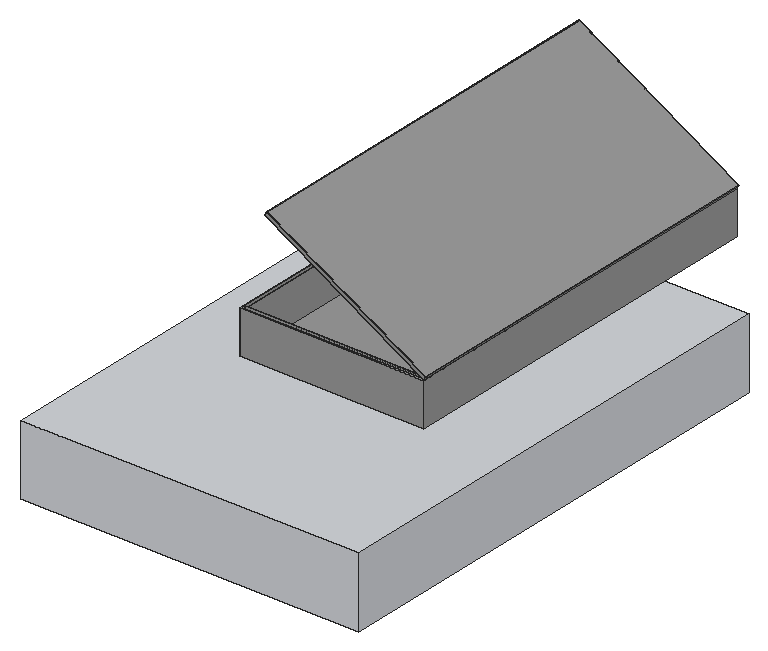
Revit family "Hager-Univers-IP54-D205-H1700-Cl.I-Encl-AT-de", category Equipement électrique, Revit 2020
Family settings
  Hôte = Face
  Configuration du panneau = Deux colonnes, circuits au sein
  Cote de connecteur circulaire = Utiliser le diamètre
  Type d'élément = Tableau de raccordement
  Couper avec des vides une fois chargée = Non
  Partagée = Non
  Point de calcul de pièce = Non
Parameters (values of type "Aufputz IP54 B800 H1700 T205  - FP13TW2")
  Width Control [instance] = if([EF000008 - Breite] > Min Width, [EF000008 - Breite], Min Width)  # 800 mm
  Commentaires du type = [HG000003 - Bereich]  # "Univers"
  Thickness Door [instance] = if([EF009171 - Materialstärke Tür/Deckel] > 3 mm, 3 mm, [EF009171 - Materialstärke Tür/Deckel])  # 1 mm
  Seal Frame Offset [instance] = 17 mm  # constant formula
  Plinth Visibility [instance] = [HG000027 - Sockelhöhe] > 0 mm  # no
  Model = ""
  Min Width [instance] = 100 mm  # constant formula
  Min Height [instance] = 100 mm  # constant formula
  Min Depth [instance] = (2 * [EF009170 - Materialstärke Gehäuse]) + 1 mm  # 3 mm
  Internal Frame Depth [instance] = (Door System Depth * 0.5)  # 9 mm
  Height Control [instance] = if([EF000040 - Höhe] > Min Height, [EF000040 - Höhe], Min Height)  # 1700 mm
  HG000027 - Sockelhöhe = 0 mm
  HG000026 - Stehend auf dem Boden = no
  HG000024 - Höhe des unteren Teils = 800 mm
  HG000023 - Gehäuse mit doppeltem Querschnitt = no
  HG000016 - 3D-Türsichtbarkeit [instance] = yes
  HG000015 - Sichtbarkeit der Türöffnung [instance] = no
  HG000014 - Tür rechts [instance] = yes
  HG000013 - Tür links [instance] = not([HG000014 - Tür rechts])  # no
  HG000012 - Türschwenkwinkel [instance] = 30.00°
  HG000010 - Asymmetrische Türen = no
  HG000009 - Doppelflügeligen Tür = no
  HG000006 - Unterputz = no
  HG000004 - Herstellerreferenz = "FP13TW2"
  HG000003 - Bereich = "Univers"
  HG000002 - Mit tür = yes
  Frame Offset Bottom [instance] = 10 mm  # constant formula
  Frame Offset [instance] = 15 mm  # constant formula
  EF015940 - Deckel mit Überdruckentlastung = no
  EF011959 - Schutzart (NEMA) = ""
  EF009554 - Anzahl der Öffnungen für Flanschplatten = 6
  Fabricant = "Hager"  # constant formula
  EF009212 - Ausführung Deckel = "EV000116 - geschlossen"
  EF009171 - Materialstärke Tür/Deckel = 1 mm
  EF009170 - Materialstärke Gehäuse = 1 mm
  EF008873 - Nennstrom (In) = 400 A
  EF007800 - Geeignet für Blitzschutz = no
  EF006306 - Mit Schloss = no
  EF006244 - Transparenter Deckel/Tür = no
  EF005474 - Schutzart (IP) = "EV006419 - IP54"
  EF004464 - Art der Tür = "EV002646 - Einzel"
  EF004427 - Anzahl der Module = 396
  EF004293 - Schlagfestigkeit = "EV006815 - IK09"
  EF003532 - Geeignet für Außengebrauch = no
  EF002950 - Breite in Teilungseinheiten = 36
  EF001613 - Funktionserhalt = "EV000494 - ohne"
  EF001596 - Werkstoff des Gehäuses = "EV000179 - Stahl"
  EF001131 - Innentiefe = 205 mm
  EF001088 - Anbaumöglichkeit = yes
  EF000437 - Anzahl der Leitungseinführungen = 6
  EF000339 - Art der Abdeckung = "EV001012 - Deckel"
  EF000266 - Anzahl der Reihen = 11
  EF000218 - Einbautiefe = 205 mm
  EF000118 - Mit Montageplatte = no
  EF000116 - RAL-Nummer = "9010"
  EF000049 - Tiefe = 205 mm
  EF000040 - Höhe = 1700 mm
  EF000008 - Breite = 800 mm
  EF000007 - Farbe = "EV000202 - weiß"
  EF000003 - Montageart = "EV000384 - Aufputz"
  Door System Leaf Tolerance [instance] = 1.5 mm  # constant formula
  Door System Depth [instance] = 18 mm  # constant formula
  Door Height [instance] = Height Control - [HG000027 - Sockelhöhe]  # 1700 mm
  Depth Control [instance] = if([EF000049 - Tiefe] > Min Depth, [EF000049 - Tiefe], Min Depth)  # 205 mm
  Default Elevation = 0 mm
  Connector Offset [instance] = Height Control / 2  # 850 mm
  Bottom Top Plate Trim [instance] = 1.5 mm  # constant formula
  Plinth height Ctrl [instance] = if([HG000027 - Sockelhöhe] > 0 mm, [HG000027 - Sockelhöhe], 12 mm)  # 12 mm
Types (3, lengths in mm): name | Width Control | HG000004 - Herstellerreferenz | EF009554 - Anzahl der Öffnungen für Flanschplatten | EF008873 - Nennstrom (In) | EF004464 - Art der Tür | EF004427 - Anzahl der Module | EF002950 - Breite in Teilungseinheiten | EF000437 - Anzahl der Leitungseinführungen | EF000008 - Breite
  Aufputz IP54 B1300 H1700 T205  - FP15TW2 | 1300 | "FP15TW2" | 10 | 400 A | "EV003602 - Doppel" | 660 | 60 | 10 | 1300
  Aufputz IP54 B300 H1700 T205  - FP11TW2 | 300 | "FP11TW2" | 2 | 250 A | "EV002646 - Einzel" | 132 | 12 | 2 | 300
  Aufputz IP54 B800 H1700 T205  - FP13TW2 | 800 | "FP13TW2" | 6 | 400 A | "EV002646 - Einzel" | 396 | 36 | 6 | 800
Reference planes
  plane 1 "Center (Front/Back)": y = 0
  plane 2: z = 0
  plane 3 "Center (Left/Right)": x = 0
  plane 4: z = 205
  plane 5: y = 1
  plane 6: y = 850
  plane 7: y = 0
  plane 8: y = 1700
  plane 9: z = 0
  plane 10: x = -385
  plane 11: x = 385
  plane 12: x = 384
  plane 13: x = -384
  plane 14: y = 1699
  plane 15: x = -383
  plane 16: x = -400
  plane 17: x = 383
  plane 18: x = 400
  plane 19: x = 399
  plane 20: x = -399
  plane 21: y = 11
  plane 22: y = 1700
  plane 23: y = 1684
  plane 24: z = 187
  plane 25: z = 1
  plane 26: z = 186
  plane 27: z = 204
Forms (mm)
  Extrusion 1, solid
    sketch origin (0, 0, 0) x (1, 0, 0) y (0, 1, 0)
      loop
        line (-702.964, 1305) -> (-702.964, -811.445) -> (766.763, -811.445) -> (766.763, 1305) -> (-702.964, 1305)
    from 0 to -304.8
  Extrusion 2, solid, material "Hager_Steel_RAL7035_Light_Grey", visible <- "Plinth Visibility", detail levels medium+fine
    sketch origin (0, 0, 0) x (1, 0, 0) y (0, 1, 0)
      loop
        line (-400, 0) -> (400, 0) -> (400, 12) -> (-400, 12) -> (-400, 0)
    from 0 to 187
  Extrusion 3, solid, material "Hager_Steel_RAL7035_Light_Grey", detail levels medium+fine
    sketch origin (0, 0, 0) x (1, 0, 0) y (0, 1, 0)
      loop
        line (-400, 0) -> (400, 0) -> (400, 1700) -> (-400, 1700) -> (-400, 0)
    from 0 to 187
  Extrusion 4, void
    sketch origin (0, 0, 0) x (1, 0, 0) y (0, 1, 0)
      loop
        line (-399, 1) -> (399, 1) -> (399, 1699) -> (-399, 1699) -> (-399, 1)
    from 1 to 186
  Extrusion 5, void
    sketch origin (-381.607, -4572, 187) x (0, -1, 0) y (-1, 0, 0)
      loop
        line (-4583, 2.393) -> (-6256, 2.393) -> (-6256, -765.607) -> (-4583, -765.607) -> (-4583, 2.393)
    from 0 to 1 <- "EF009170 - Materialstärke Gehäuse"
  Extrusion 6, solid, material "Hager_Steel_RAL7035_Light_Grey", detail levels fine
    sketch origin (0, 0, 187) x (1, 0, 0) y (0, 1, 0)
      loop
        line (-384, 1684) -> (-384, 11) -> (384, 11) -> (384, 1684) -> (-384, 1684)
      loop
        line (-385, 10) -> (385, 10) -> (385, 1685) -> (-385, 1685) -> (-385, 10)
    from 0 to 9 <- "Internal Frame Depth"
  Extrusion 7, solid, material "Hager_Steel_RAL7035_Light_Grey", detail levels coarse
    sketch origin (0, 0, 0) x (1, 0, 0) y (0, 1, 0)
      loop
        line (-400, 0) -> (400, 0) -> (400, 1700) -> (-400, 1700) -> (-400, 0)
    from 0 to 205
  Sweep 8, void
    path in 3D
      loop
        line (-400, 12, 0) -> (400, 12, 0) -> (400, 12, 187) -> (-400, 12, 187) -> (-400, 12, 0)
    profile origin (-400, 12, 93.5) x (-1, 0, 0) y (0, -1, 0)
      loop
        line (0, 0) -> (0, 1.5) -> (-1.5, 1.5)
        arc (-1.5, 1.5) -> (-1.061, 0.439) -> (0, 0) r 1.5
Cuts and joins
  Extrusion 4, Extrusion 5 cuts Extrusion 3
  Sweep 8 cuts Extrusion 2
Lines and regions (mm)
  Masking region 1
    outline origin (0, 0, 0) x (1, 0, 0) y (0, 0, 1)
      loop
        line (-400, 205) -> (-400, 0) -> (400, 0) -> (400, 205) -> (-400, 205)
  Masking region 2, detail levels medium+fine
    outline origin (0, 140, 0) x (0, 1, 0) y (0, 0, 1)
      loop
        line (-140, 0) -> (1560, 0) -> (1560, 187) -> (-140, 187) -> (-140, 0)
  Masking region 3, not visible, detail levels medium+fine
    outline origin (0, 297.922, 0) x (0, 1, 0) y (0, 0, 1)
      loop
        line (563.578, 0) -> (603.578, 0) -> (603.578, 194)
        arc (603.578, 194) -> (600.649, 201.071) -> (593.578, 204) r 10
        line (593.578, 204) -> (563.578, 204) -> (563.578, 0)
  Masking region 4, detail levels coarse
    outline origin (0, 0, 180) x (0, 1, 0) y (0, 0, 1)
      loop
        line (0, -180) -> (1700, -180) -> (1700, 25) -> (0, 25) -> (0, -180)
  Masking region 5, visible <- "Plinth Visibility", detail levels medium+fine
    outline origin (0, 52.24, 12.345) x (0, 0, -1) y (0, 1, 0)
      loop
        line (10.845, -40.24) -> (-173.155, -40.24)
        arc (-173.155, -40.24) -> (-173.594, -41.301) -> (-174.655, -41.74) r 1.5
        line (-174.655, -41.74) -> (-174.655, -52.24) -> (12.345, -52.24) -> (12.345, -41.74)
        arc (12.345, -41.74) -> (11.285, -41.301) -> (10.845, -40.24) r 1.5
  Masking region 6, detail levels medium+fine
    outline origin (-381.607, -4572, 187) x (-1, 0, 0) y (0, -1, 0)
      loop
        line (18.393, -6272) -> (18.393, -4572) -> (-781.607, -4572) -> (-781.607, -6272) -> (18.393, -6272)
  Masking region 7, visible <- "Plinth Visibility", detail levels medium+fine
    outline origin (-381.607, -4727, 187) x (-1, 0, 0) y (0, -1, 0)
      loop
        arc (16.893, -4739) -> (17.332, -4737.939) -> (18.393, -4737.5) r 1.5
        line (18.393, -4737.5) -> (18.393, -4727) -> (-781.607, -4727) -> (-781.607, -4737.5)
        arc (-781.607, -4737.5) -> (-780.546, -4737.939) -> (-780.107, -4739) r 1.5
        line (-780.107, -4739) -> (16.893, -4739)
  Masking region 8, detail levels coarse
    outline origin (-442.548, -4669.526, 187) x (-1, 0, 0) y (0, -1, 0)
      loop
        line (-42.548, -6369.526) -> (-42.548, -4669.526) -> (-842.548, -4669.526) -> (-842.548, -6369.526) -> (-42.548, -6369.526)
  sketch lines
    curve 1: line (-400, 12, 187) -> (-400, 12, 0)
    curve 2: line (400, 12, 187) -> (-400, 12, 187)
    curve 3: line (400, 12, 187) -> (400, 12, 0)
    curve 4: line (-400, 12, 0) -> (400, 12, 0)
Dimensions and locks
  "Depth Control": plane 4 to Extrusion 1
  "HG000027 - Sockelhöhe": plane 1 "Center (Front/Back)" to plane 7
  "EF009170 - Materialstärke Gehäuse": plane 5 to plane 7
  locked: connector elem to plane 3 "Center (Left/Right)"
  equal spacing: plane 8, plane 6, plane 7
  locked: connector elem to plane 6
  "EF009170 - Materialstärke Gehäuse": plane 8 to plane 14
  "EF009170 - Materialstärke Gehäuse": plane 10 to plane 13
  "EF009170 - Materialstärke Gehäuse": plane 12 to plane 11
  "Frame Offset": plane 20 to plane 13
  "Frame Offset": plane 12 to plane 19
  "EF009170 - Materialstärke Gehäuse": plane 16 to plane 20
  "EF009170 - Materialstärke Gehäuse": plane 19 to plane 18
  "Seal Frame Offset": plane 16 to plane 15
  "Seal Frame Offset": plane 17 to plane 18
  "Frame Offset Bottom": plane 21 to plane 5
  "Frame Offset": plane 14 to plane 23
  equal spacing: plane 16, plane 3 "Center (Left/Right)", plane 18
  "Width Control": plane 16 to plane 18
  "EF009170 - Materialstärke Gehäuse": plane 4 to plane 27
  "EF009170 - Materialstärke Gehäuse": plane 24 to plane 26
  "EF009170 - Materialstärke Gehäuse": plane 25 to level
  "Door System Depth": plane 4 to plane 24
  "Height Control": plane 1 "Center (Front/Back)" to Extrusion 7 sketch curve
  "Height Control": Masking region 4 sketch curve to plane 1 "Center (Front/Back)"
  "Height Control": plane 1 "Center (Front/Back)" to plane 22
  "Bottom Top Plate Trim": profile plane to Sweep 8 sketch curve
  "Bottom Top Plate Trim": Sweep 8 sketch curve to profile plane
  "Plinth height Ctrl": plane 1 "Center (Front/Back)" to Extrusion 2 sketch curve
  "Plinth height Ctrl": Masking region 5 sketch curve to plane 1 "Center (Front/Back)"
  "Plinth height Ctrl": plane 1 "Center (Front/Back)" to Masking region 7 sketch curve
  "Thickness Door": Extrusion 6 sketch curve to Extrusion 6 sketch curve  (x3)
  "Thickness Door": cut or joined group of Extrusion 3, Extrusion 4, Extrusion 5 to Extrusion 6 sketch curve
  radius of Masking region 3 sketch curve = 10 mm
  "Bottom Top Plate Trim": radius of Masking region 5 sketch curve  (x2)
  "Bottom Top Plate Trim": radius of Sweep 8 sketch curve
  "Bottom Top Plate Trim": radius of Masking region 7 sketch curve  (x2)
  aligned and locked: plane 2 to Extrusion 1
  aligned and locked: level to Extrusion 1
  aligned and locked: level to Masking region 1 sketch curve
  aligned and locked: Masking region 1 sketch curve to plane 18
  aligned and locked: Masking region 1 sketch curve to plane 16
  aligned and locked: plane 7 to Masking region 2 sketch curve
  aligned and locked: level to Masking region 3 sketch curve
  aligned and locked: Masking region 3 sketch curve to plane 27
  aligned and locked: level to Masking region 2 sketch curve
  aligned and locked: plane 1 "Center (Front/Back)" to Extrusion 2 sketch curve
  aligned and locked: Extrusion 3 sketch curve to plane 7
  aligned and locked: plane 16 to Extrusion 3 sketch curve
  aligned and locked: plane 18 to Extrusion 3 sketch curve
  aligned and locked: plane 20 to Extrusion 4 sketch curve
  aligned and locked: plane 19 to Extrusion 4 sketch curve
  aligned and locked: Extrusion 4 sketch curve to plane 5
  aligned and locked: Extrusion 4 to plane 25
  aligned and locked: plane 26 to Extrusion 4
  aligned and locked: plane 24 to Extrusion 3
  aligned and locked: Extrusion 5 sketch curve to plane 21
  aligned and locked: Extrusion 5 sketch curve to plane 13
  aligned and locked: Extrusion 5 sketch curve to plane 12
  aligned and locked: plane 18 to Extrusion 7 sketch curve
  aligned and locked: plane 1 "Center (Front/Back)" to Extrusion 7 sketch curve
  aligned and locked: plane 16 to Extrusion 7 sketch curve
  aligned and locked: plane 4 to Extrusion 7
  aligned and locked: Extrusion 7 to level
  aligned and locked: level to Masking region 4 sketch curve
  aligned and locked: Masking region 4 sketch curve to plane 1 "Center (Front/Back)"
  aligned and locked: Masking region 4 sketch curve to plane 4
  aligned and locked: nested 1 to level
  aligned and locked: nested 1 to plane 16
  aligned and locked: plane 8 to Extrusion 3 sketch curve
  aligned and locked: plane 23 to Extrusion 5 sketch curve
  aligned and locked: plane 14 to Extrusion 4 sketch curve
  aligned and locked: Masking region 2 sketch curve to plane 8
  aligned and locked: level to Masking region 5 sketch curve
  aligned and locked: plane 16 to Extrusion 2 sketch curve
  aligned and locked: plane 18 to Extrusion 2 sketch curve
  aligned and locked: Masking region 5 sketch curve to plane 24
  aligned and locked: Masking region 2 sketch curve to plane 24
  aligned and locked: plane 24 to Extrusion 2
  aligned and locked: profile plane to Sweep 8 sketch curve  (x2)
  aligned and locked: Masking region 6 sketch curve to plane 18
  aligned and locked: Masking region 6 sketch curve to plane 22
  aligned and locked: Masking region 6 sketch curve to plane 16
  aligned and locked: plane 8 to plane 22
  aligned and locked: Masking region 6 sketch curve to plane 7
  aligned and locked: Masking region 7 sketch curve to plane 16
  aligned and locked: Masking region 7 sketch curve to plane 1 "Center (Front/Back)"
  aligned and locked: Masking region 7 sketch curve to plane 18
  aligned and locked: Masking region 8 sketch curve to plane 1 "Center (Front/Back)"
  aligned and locked: Masking region 8 sketch curve to plane 18
  aligned and locked: Masking region 8 sketch curve to plane 22
  aligned and locked: Masking region 8 sketch curve to plane 16
  aligned and locked: nested 2 to plane 7
  aligned and locked: plane 3 "Center (Left/Right)" to nested 2
  aligned and locked: nested 2 to plane 24
  aligned and locked: Extrusion 6 sketch curve to cut or joined group of Extrusion 3, Extrusion 4, Extrusion 5  (x4)
Automatic sketch dimensions
  Extrusion 1 sketch curve to Extrusion 1 sketch curve = 1469.727 mm
  Extrusion 1 sketch curve to Extrusion 1 sketch curve = 2116.445 mm
  Masking region 1 sketch curve to plane 4 = 0 mm
  plane 6 to Masking region 3 sketch curve = 11.5 mm
  Masking region 3 sketch curve to Masking region 3 sketch curve = 30 mm
  Masking region 5 sketch curve to plane 1 "Center (Front/Back)" = 0 mm
Nested families
  nested 1: "Hager_Enclosure_Symbol" at (-400, 0, 0) x (1, 0, 0) z (0, -1, 0), Height <- "Depth Control", Width <- "Width Control", type "Hager_Enclosure_Symbol"
    with Width_Ctrl 800 mm, Width 800 mm, Height_Ctrl 205 mm, Height 205 mm, A_Width_Int 13.453 mm, A_Width 161.438 mm, A_Height_Ctrl 179.375 mm, A_Height 179.375 mm
  nested 2: "EC000058_Univers_Door" at (0, 0, 187) x (1, 0, 0) z (0, 1, 0), Leaf_Tolerance <- "Door System Leaf Tolerance", Angle <- "HG000012 - Türschwenkwinkel", Door_Depth <- "Door System Depth", Door_Left <- "HG000013 - Tür links", Transparent <- "EF006244 - Transparenter Deckel/Tür", Assymetrical <- "HG000010 - Asymmetrische Türen", Width <- "Width Control", Clearance <- "HG000015 - Sichtbarkeit der Türöffnung", Double <- "HG000009 - Doppelflügeligen Tür", 3d_Door <- "HG000016 - 3D-Türsichtbarkeit", Lock_Visibility <- "EF006306 - Mit Schloss", Width_Ctrl <- "Width Control", Door_Right <- "HG000014 - Tür rechts", Door <- "HG000002 - Mit tür", Height <- "Door Height", Thickness <- "Thickness Door", type "EC000058_Univers_Door", detail levels medium+fine
    with min_wh 3 mm, Width_Ctrl 800 mm, Width 800 mm, Transparent no, Thickness 1 mm, Seal_Material Hager_Rubber, Lock_Visibility no, Lock_Material Hager_Plastic_RAL9005_Jet_Black, Leaf_Width 800 mm, Leaf_Tolerance_External_Sides 0 mm, Leaf_Tolerance 1.5 mm, Leaf_Offset 0 mm, Leaf_Height 1697 mm, Leaf_2_Width 800 mm, Leaf_2_Offset 400 mm, Leaf_1_Width 800 mm, Leaf_1_Offset 400 mm, Height_Ctrl 1700 mm, Height 1700 mm, Glass_Material Hager_Glass, Double_Clearance_Ctrl no, Double no, Door_Right_Ctrl yes, Door_Right yes, Door_Material Hager_Steel_RAL7035_Light_Grey, Door_Left_Ctrl no, Door_Left no, Door_Depth 18 mm, Door yes, Clearance_Material Hager_Clearance, Clearance_Depth 800 mm, Clearance_Ctrl no, Clearance no, Assymetrical no, Angle 30.00°, 3d_Door yes
Connectors
  electrical at (0, 850, 0)
    settings: on plane 9, index 1, voltage 0 V, apparent load 0 VA, apparent load phase1 0 VA, apparent load phase2 0 VA, apparent load phase3 0 VA, power factor 1, load classification "Other", number of poles 1, system type 30, power factor state 1, is connector primary yes, connector utility no, sub classification motor no, connector description ""
Definition of nested family "EC000058_Univers_Door"
  Parameters (values of type "EC000058_Univers_Door")
    min_wh [instance] = (2 * Thickness) + 1 mm  # 11 mm
    Width_Ctrl [instance] = 400 mm
    Width [instance] = 500 mm
    Transparent [instance] = yes
    Thickness [instance] = 5 mm
    Seal_Material [instance] = none
    Lock_Visibility [instance] = yes
    Lock_Material [instance] = none
    Leaf_Width [instance] = if((Width_Ctrl - 2 * Leaf_Tolerance_External_Sides) > 0 mm, (Width_Ctrl - 2 * Leaf_Tolerance_External_Sides), min_wh)  # 400 mm
    Leaf_Tolerance_External_Sides [instance] = 0 mm  # constant formula
    Leaf_Tolerance [instance] = 1.5 mm
    Leaf_Offset [instance] = 0 mm  # constant formula
    Leaf_Height [instance] = if((Height_Ctrl - 2 * Leaf_Tolerance) > 0 mm, (Height_Ctrl - 2 * Leaf_Tolerance), min_wh)  # 497 mm
    Leaf_2_Width [instance] = if(and(and(Double, Assymetrical), Door_Left), (Leaf_Width / 3) - (Leaf_Tolerance / 2), if(and(and(Double, Assymetrical), Door_Right), (Leaf_Width / 3) * 2 - (Leaf_Tolerance / 2), if(and(Double, not(Assymetrical)), (Leaf_Width / 2) - Leaf_Tolerance, Leaf_Width)))  # 400 mm
    Leaf_2_Offset [instance] = if(and(Double, Assymetrical), Leaf_2_Width / 2, if(and(Double, not(Assymetrical)), Leaf_Width / 4, Leaf_Width / 2))  # 200 mm
    Leaf_1_Width [instance] = if(and(and(Double, Assymetrical), Door_Right), (Leaf_Width / 3) - (Leaf_Tolerance / 2), if(and(and(Double, Assymetrical), Door_Left), (Width / 3) * 2 - (Leaf_Tolerance / 2), if(and(Double, not(Assymetrical)), (Leaf_Width / 2) - Leaf_Tolerance, Leaf_Width)))  # 400 mm
    Leaf_1_Offset [instance] = if(and(Double, Assymetrical), Leaf_1_Width / 2, if(and(Double, not(Assymetrical)), Leaf_Width / 4, Leaf_Width / 2))  # 200 mm
    Height_Ctrl [instance] = if(Height > min_wh, Height, min_wh)  # 500 mm
    Height [instance] = 500 mm
    Glass_Material [instance] = none
    Double_Clearance_Ctrl [instance] = and(Double, Clearance)  # no
    Double [instance] = no
    Door_Right_Ctrl [instance] = and(or(Door_Right, Double), Door)  # yes
    Door_Right [instance] = yes
    Door_Material [instance] = none
    Door_Left_Ctrl [instance] = and(or(Door_Left, Double), Door)  # no
    Door_Left [instance] = no
    Door_Depth [instance] = 30 mm
    Door [instance] = yes
    Default Elevation = 1219.2 mm
    Clearance_Material [instance] = none
    Clearance_Depth [instance] = if(Leaf_1_Width > Leaf_2_Width, Leaf_1_Width, Leaf_2_Width)  # 400 mm
    Clearance_Ctrl [instance] = and(not(Double), Clearance)  # yes
    Clearance [instance] = yes
    Assymetrical [instance] = yes
    Angle [instance] = 30.00°
    3d_Door [instance] = yes
  Reference planes
    plane 1 "Center (Front/Back)": y = 0
    plane 2 "Bottom": z = 0
    plane 3 "Center (Left/Right)": x = 0
    plane 4: z = 500
    plane 5: x = -200
    plane 6: x = 200
    plane 7: z = 500
    plane 8: x = -200
    plane 9: z = 0
    plane 10: x = 200
    plane 11: y = 0
    plane 12: z = 1.5
    plane 13: x = -600
    plane 14: y = -400
    plane 15: x = 600
    plane 16: x = 0
    plane 17: x = 0
    plane 18: x = -200
    plane 19: x = 200
    plane 20: z = 498.5
  Forms (mm)
    Extrusion 1, solid, material <- "Clearance_Material", visible <- "Double_Clearance_Ctrl"
      sketch origin (1200, 0, 0) x (1, 0, 0) y (0, 0, -1)
        loop
          line (-1800, -498.5) -> (-600, -498.5) -> (-600, 0) -> (-1800, 0) -> (-1800, -498.5)
      from 0 to -400
  Dimensions and locks
    equal spacing: plane 5, plane 3 "Center (Left/Right)", plane 6
    "Width_Ctrl": plane 5 to plane 6
    "Leaf_Offset": plane 5 to plane 8
    "Leaf_Offset": plane 6 to plane 10
    "Leaf_Offset": plane 9 to level
    "Leaf_Offset": plane 4 to plane 7
    "Height_Ctrl": plane 4 to level
    "Leaf_Tolerance": plane 12 to plane 9
    locked: plane 11 to plane 1 "Center (Front/Back)"
    "Leaf_1_Offset": plane 18 to plane 16
    "Leaf_2_Offset": plane 17 to plane 19
    "Leaf_1_Width": plane 13 to plane 8
    "Leaf_2_Width": plane 10 to plane 15
    "Clearance_Depth": plane 14 to plane 1 "Center (Front/Back)"
    "Leaf_Tolerance_External_Sides": plane 8 to plane 18
    "Leaf_Tolerance_External_Sides": plane 19 to plane 10
    "Leaf_Tolerance": plane 7 to plane 20
    aligned and locked: level to plane 2 "Bottom"
    aligned and locked: nested 1 to plane 16
    aligned and locked: nested 2 to plane 17
    aligned and locked: Extrusion 1 to plane 13
    aligned and locked: plane 15 to Extrusion 1
    aligned and locked: Extrusion 1 to plane 14
    aligned and locked: plane 12 to nested 1
    aligned and locked: nested 2 to plane 12
    aligned and locked: Extrusion 1 to plane 11
    aligned and locked: plane 20 to Extrusion 1
    aligned and locked: nested 2 to plane 11
    aligned and locked: nested 1 to plane 11
  Automatic sketch dimensions
    Extrusion 1 sketch curve to level = 0 mm
    plane 5 to Extrusion 1 sketch curve = 400 mm
    plane 6 to Extrusion 1 sketch curve = 400 mm
    Extrusion 1 sketch curve to plane 4 = 1.5 mm
  Nested families
    nested 1: "EC000058_Univers_Door_Leaf" at (0, 0, 1.5), Width <- "Leaf_1_Width", visible <- "Door_Left_Ctrl", Leaf_Height <- "Leaf_Height", Angle <- "Angle", 3d_Door <- "3d_Door", Transparent <- "Transparent", Clearance Material <- "Clearance_Material", Clearance <- "Clearance_Ctrl", Door_Material <- "Door_Material", Glass_Material <- "Glass_Material", Door_Depth <- "Door_Depth", Lock_Material <- "Lock_Material", Seal_Material <- "Seal_Material", Lock_Visibility <- "Lock_Visibility", Thickness <- "Thickness", type "EC000058_Univers_Door_Leaf"
      with Width 400 mm, Transparent_Glass_Offset 30 mm, Transparent_Ctrl yes, Transparent yes, Thickness 5 mm, Standard no, Seal_Material none, Seal_D2 8 mm, Seal_D1 1 mm, Offset_Internal_Frame 10 mm, Lock_Width 20 mm, Lock_Visibility_3d yes, Lock_Visibility yes, Lock_Thickness_3 3 mm, Lock_Thickness_2 1 mm, Lock_Thickness_1 3 mm, Lock_Radius_Offset_2 16 mm, Lock_Radius_Offset_1 15 mm, Lock_Radius_2 5 mm, Lock_Radius 6 mm, Lock_Offset 5 mm, Lock_Material none, Lock_Height 80 mm, Lock_Cover_Top_Offset_2d 17 mm, Lock_Cover_Height -65 mm, Leaf_Height 497 mm, Internal_Seal_Thickness 8 mm, Internal_Seal_Depth_2 4.5 mm, Internal_Frame_Depth 25 mm, Glass_Thickness -1 mm, Glass_Offset -2 mm, Glass_Material none, Door_Material none, Door_Depth 30 mm, Clearance Material none, Clearance yes, Angle_Ctrl 30.00°, Angle 30.00°, 3d_Door yes
    nested 2: "EC000058_Univers_Door_Leaf" at (0, 0, 1.5) x (-1, 0, 0) z (0, 0, 1), Width <- "Leaf_2_Width", visible <- "Door_Right_Ctrl", Leaf_Height <- "Leaf_Height", Angle <- "Angle", 3d_Door <- "3d_Door", Transparent <- "Transparent", Clearance Material <- "Clearance_Material", Clearance <- "Clearance_Ctrl", Door_Material <- "Door_Material", Glass_Material <- "Glass_Material", Door_Depth <- "Door_Depth", Lock_Material <- "Lock_Material", Seal_Material <- "Seal_Material", Lock_Visibility <- "Lock_Visibility", Thickness <- "Thickness", type "EC000058_Univers_Door_Leaf"
      with Width 400 mm, Transparent_Glass_Offset 30 mm, Transparent_Ctrl yes, Transparent yes, Thickness 5 mm, Standard no, Seal_Material none, Seal_D2 8 mm, Seal_D1 1 mm, Offset_Internal_Frame 10 mm, Lock_Width 20 mm, Lock_Visibility_3d yes, Lock_Visibility yes, Lock_Thickness_3 3 mm, Lock_Thickness_2 1 mm, Lock_Thickness_1 3 mm, Lock_Radius_Offset_2 16 mm, Lock_Radius_Offset_1 15 mm, Lock_Radius_2 5 mm, Lock_Radius 6 mm, Lock_Offset 5 mm, Lock_Material none, Lock_Height 80 mm, Lock_Cover_Top_Offset_2d 17 mm, Lock_Cover_Height -65 mm, Leaf_Height 497 mm, Internal_Seal_Thickness 8 mm, Internal_Seal_Depth_2 4.5 mm, Internal_Frame_Depth 25 mm, Glass_Thickness -1 mm, Glass_Offset -2 mm, Glass_Material none, Door_Material none, Door_Depth 30 mm, Clearance Material none, Clearance yes, Angle_Ctrl 30.00°, Angle 30.00°, 3d_Door yes
  Definition of nested family "EC000058_Univers_Door_Leaf"
    Parameters (values of type "EC000058_Univers_Door_Leaf")
      Width [instance] = 2000 mm
      Transparent_Glass_Offset [instance] = 30 mm
      Transparent_Ctrl [instance] = and(Transparent, [3d_Door])  # yes
      Transparent [instance] = yes
      Thickness [instance] = 5 mm
      Standard [instance] = and(not(Transparent), [3d_Door])  # no
      Seal_Material [instance] = none
      Seal_D2 [instance] = 8 mm  # constant formula
      Seal_D1 [instance] = 1 mm  # constant formula
      Offset_Internal_Frame [instance] = 10 mm  # constant formula
      Lock_Width [instance] = 20 mm  # constant formula
      Lock_Visibility_3d [instance] = and(Lock_Visibility, [3d_Door])  # yes
      Lock_Visibility [instance] = yes
      Lock_Thickness_3 [instance] = 3 mm  # constant formula
      Lock_Thickness_2 [instance] = 1 mm  # constant formula
      Lock_Thickness_1 [instance] = 3 mm  # constant formula
      Lock_Radius_Offset_2 [instance] = Lock_Radius_Offset_1 + 1 mm  # 16 mm
      Lock_Radius_Offset_1 [instance] = 15 mm  # constant formula
      Lock_Radius_2 [instance] = Lock_Radius - 1 mm  # 5 mm
      Lock_Radius [instance] = 6 mm  # constant formula
      Lock_Offset [instance] = 5 mm  # constant formula
      Lock_Material [instance] = none
      Lock_Height [instance] = 80 mm  # constant formula
      Lock_Cover_Top_Offset_2d [instance] = Lock_Radius_Offset_2 + 1 mm  # 17 mm
      Lock_Cover_Height [instance] = -(Lock_Height - Lock_Radius_Offset_1)  # -65 mm
      Leaf_Height [instance] = 2720.336 mm
      Internal_Seal_Thickness [instance] = 8 mm  # constant formula
      Internal_Seal_Depth_2 [instance] = 4.5 mm  # constant formula
      Internal_Frame_Depth [instance] = if(Door_Depth - Thickness > 5 mm, Door_Depth - Thickness, 5 mm)  # 25 mm
      Glass_Thickness [instance] = if(Thickness > 15 mm, Glass_Offset + 10 mm, -1 mm)  # -1 mm
      Glass_Offset [instance] = if(Thickness > 15 mm, -(Thickness + 10 mm) / 2, -2 mm)  # -2 mm
      Glass_Material [instance] = none
      Door_Material [instance] = none
      Door_Depth [instance] = 30 mm
      Default Elevation = 0 mm
      Clearance Material [instance] = none
      Clearance [instance] = yes
      Angle_Ctrl [instance] = if(Angle > 180.00°, 180.00°, Angle)  # 90.00°
      Angle [instance] = 90.00°
      3d_Door [instance] = yes
    Reference planes
      plane 1 "Center (Front/Back)": y = 0
      plane 2: z = 0
      plane 3 "Center (Left/Right)": x = 0
      plane 4: y = 2000
      plane 5: x = -1000
      plane 6: x = 1000
      plane 7: x = -3000
      plane 8: z = 2720.336
      plane 9: z = 30
      plane 10: z = 2690.336
      plane 11: x = 970
      plane 12: x = -970
      plane 13: y = -3
      plane 14: z = 107.833
      plane 15: y = -5
      plane 16: y = -223.314
      plane 17: x = -1000
      plane 18: z = 1360.168
      plane 19: y = 30
    Forms (mm)
      Extrusion 1, solid, material <- "Clearance Material", visible <- "Clearance"
        sketch origin (0, 0, 0) x (1, 0, 0) y (0, 0, 1)
          loop
            line (-3000, 2720.336) -> (-3000, 0) -> (1000, 0) -> (1000, 2720.336) -> (-3000, 2720.336)
        from 0 to -2000
      Extrusion 2, solid, material <- "Door_Material", visible <- "Standard", detail levels medium+fine
        sketch origin (-1000, 0, 0) x (0, 1, 0) y (-1, 0, 0)
          loop
            line (0, 30) -> (0, 25) -> (2000, 25) -> (2000, 30) -> (0, 30)
        from 0 to 2720.336 <- "Leaf_Height"
      Extrusion 3, solid, material <- "Door_Material", visible <- "Transparent_Ctrl", detail levels medium+fine
        sketch origin (-1000, 0, 0) x (0, 1, 0) y (-1, 0, 0)
          loop
            line (0, 25) -> (2000, 25) -> (2000, 30) -> (0, 30) -> (0, 25)
        from 0 to 2720.336 <- "Leaf_Height"
      Extrusion 4, void
        sketch origin (-1025, 2000, 0) x (0, 1, 0) y (0, 0, -1)
          loop
            line (-30, -2690.336) -> (-30, -30) -> (-1970, -30) -> (-1970, -2690.336) -> (-30, -2690.336)
        from 0 to 5 <- "Thickness"
      Sweep 5, solid, material <- "Seal_Material", visible <- "Transparent_Ctrl", detail levels fine
        path in 3D
          loop
            line (-1025, 30, 30) -> (-1025, 30, 2690.336) -> (-1025, 1970, 2690.336) -> (-1025, 1970, 30) -> (-1025, 30, 30)
        profile origin (-1025, 1000, 30) x (1, 0, 0) y (0, 0, 1)
          loop
            line (0, 0) -> (0, -8) -> (1, -8) -> (1, 0) -> (0, 0)
      Extrusion 6, solid, material <- "Glass_Material", visible <- "Transparent_Ctrl", detail levels medium+fine
        sketch origin (-1030, 0, 0) x (0, 1, 0) y (0, 0, -1)
          loop
            line (1970, -2690.336) -> (1970, -30) -> (30, -30) -> (30, -2690.336) -> (1970, -2690.336)
        from -2 <- "Glass_Offset" to -1 <- "Glass_Thickness"
      Extrusion 7, solid, material <- "Door_Material", visible <- "3d_Door", detail levels medium+fine
        sketch origin (-1025, 2000, 0) x (0, -1, 0) y (0, 0, -1)
          loop
            line (0, -2720.336) -> (2000, -2720.336) -> (2000, 0) -> (0, 0) -> (0, -2720.336)
          loop
            line (1995, -5) -> (5, -5) -> (5, -2715.336) -> (1995, -2715.336) -> (1995, -5)
        from 0 to 25 <- "Internal_Frame_Depth"
      Sweep 8, solid, material <- "Seal_Material", visible <- "Transparent_Ctrl", detail levels fine
        path in 3D
          loop
            line (-1025, 0, 0) -> (-1025, 2000, 0) -> (-1025, 2000, 2720.336) -> (-1025, 0, 2720.336) -> (-1025, 0, 0)
        profile origin (-1025, 0, 1360.168) x (1, 0, 0) y (0, 1, 0)
          loop
            line (0, 10) -> (2.975, 10)
            arc (2.975, 10) -> (4.053, 10.447) -> (4.5, 11.525) r 1.525
            line (4.5, 11.525) -> (4.5, 16.527)
            arc (4.5, 16.527) -> (4.069, 17.569) -> (3.027, 18) r 1.473
            line (3.027, 18) -> (0, 18) -> (0, 10)
      Extrusion 9, solid, material <- "Lock_Material", visible <- "Lock_Visibility_3d", detail levels fine
        sketch origin (-1030, 0, 0) x (0, 1, 0) y (0, 0, -1)
          loop
            arc (1993.5, -1400.168) -> (1994.561, -1399.729) -> (1995, -1398.668) r 1.5
            line (1995, -1398.668) -> (1995, -1320.168) -> (1975, -1320.168) -> (1975, -1398.668)
            arc (1975, -1398.668) -> (1975.439, -1399.729) -> (1976.5, -1400.168) r 1.5
            line (1976.5, -1400.168) -> (1993.5, -1400.168)
        from 3 <- "Lock_Thickness_1" to 0
      Blend 10, solid, material <- "Lock_Material", visible <- "Lock_Visibility_3d", detail levels fine
        base sketch origin (-1033, 0, 0) x (0, 1, 0) y (0, 0, -1)
          loop
            line (1975, -1320.168) -> (1975, -1398.668)
            arc (1975, -1398.668) -> (1975.439, -1399.729) -> (1976.5, -1400.168) r 1.5
            line (1976.5, -1400.168) -> (1993.5, -1400.168)
            arc (1993.5, -1400.168) -> (1994.561, -1399.729) -> (1995, -1398.668) r 1.5
            line (1995, -1398.668) -> (1995, -1320.168) -> (1975, -1320.168)
        top sketch origin (-1033, 0, 0) x (0, 1, 0) y (0, 0, -1)
          loop
            line (1976, -1320.168) -> (1976, -1398.668)
            arc (1976, -1398.668) -> (1976.146, -1399.022) -> (1976.5, -1399.168) r 0.5
            line (1976.5, -1399.168) -> (1993.5, -1399.168)
            arc (1993.5, -1399.168) -> (1993.854, -1399.022) -> (1994, -1398.668) r 0.5
            line (1994, -1398.668) -> (1994, -1320.168) -> (1976, -1320.168)
        from 0 to 1 <- "Lock_Thickness_2"
      Blend 11, solid, material <- "Lock_Material", visible <- "Lock_Visibility_3d", detail levels fine
        base sketch origin (-1034, 0, 0) x (0, 1, 0) y (0, 0, -1)
          loop
            line (1978, -1320.168) -> (1978, -1384.168)
            arc (1978, -1384.168) -> (1985, -1391.168) -> (1992, -1384.168) r 7
            line (1992, -1384.168) -> (1992, -1320.168) -> (1978, -1320.168)
        top sketch origin (-1034, 0, 0) x (0, 1, 0) y (0, 0, -1)
          loop
            line (1991, -1320.168) -> (1979, -1320.168) -> (1979, -1383.168)
            arc (1979, -1383.168) -> (1985, -1389.168) -> (1991, -1383.168) r 6
            line (1991, -1383.168) -> (1991, -1320.168)
        from 0 to 3 <- "Lock_Thickness_3"
      Extrusion 12, solid, material <- "Lock_Material", visible <- "Lock_Visibility_3d", detail levels fine
        sketch origin (-1030, 1975, 1320.168) x (1, 0, 0) y (0, -1, 0)
          loop
            line (-7, -19) -> (-7, -1) -> (0, -1) -> (0, 0) -> (-8, 0) -> (-8, -20) -> (0, -20) -> (0, -19) -> (-7, -19)
        from 0 to -65 <- "Lock_Cover_Height"
      Extrusion 13, void
        sketch origin (-1038, 1995, 1320.168) x (-1, 0, 0) y (0, 0, -1)
          loop
            line (-5, -65) -> (0, -65) -> (-5, -60) -> (-5, -65)
        from 0 to 20 <- "Lock_Width"
      Extrusion 14, void
        sketch origin (-1038, 1975, 1320.168) x (0, -1, 0) y (0, 0, -1)
          loop
            circle (-10, -15.995) r 6
          loop
            circle (-10, -15.995) r 5
        from 0 to 2
      Extrusion 15, solid, material <- "Lock_Material", visible <- "Lock_Visibility_3d", detail levels medium
        sketch origin (-1030, 0, 0) x (0, 1, 0) y (0, 0, -1)
          loop
            arc (1993.5, -1400.168) -> (1994.561, -1399.729) -> (1995, -1398.668) r 1.5
            line (1995, -1398.668) -> (1995, -1320.168) -> (1975, -1320.168) -> (1975, -1398.668)
            arc (1975, -1398.668) -> (1975.439, -1399.729) -> (1976.5, -1400.168) r 1.5
            line (1976.5, -1400.168) -> (1993.5, -1400.168)
        from 8 to 0
    Cuts and joins
      Extrusion 4 cuts Extrusion 3
      Extrusion 13, Extrusion 14 cuts Extrusion 9
      Extrusion 14 cuts Blend 11
      Extrusion 13, Extrusion 14 cuts Extrusion 12
      joined: Extrusion 9, Blend 10, Blend 11, Extrusion 12
      Extrusion 14 cuts Extrusion 15
    Lines and regions (mm)
      Masking region 1, visible <- "Lock_Visibility", detail levels fine
        outline origin (0, 0, 0) x (0, 1, 0) y (0, 0, 1)
          loop
            line (30, 1320.168) -> (33, 1320.168) -> (33, 1400.168) -> (30, 1400.168) -> (30, 1320.168)
      Masking region 2, visible <- "Lock_Visibility", detail levels fine
        outline origin (0, 3.143, 0) x (0, 1, 0) y (0, 0, 1)
          loop
            line (29.857, 1354.168) -> (30.857, 1354.168) -> (30.857, 1366.168) -> (29.857, 1366.168) -> (29.857, 1354.168)
      Masking region 3, detail levels medium+fine
        outline origin (0, 0, 0) x (0, 1, 0) y (0, 0, 1)
          loop
            line (0, 0) -> (30, 0) -> (30, 2720.336) -> (0, 2720.336) -> (0, 0)
      Masking region 4, detail levels medium+fine
        outline origin (0, 0, 0) x (1, 0, 0) y (0, 0, 1)
          loop
            line (-1000, 2720.336) -> (-1000, 0) -> (1000, 0) -> (1000, 2720.336) -> (-1000, 2720.336)
      Masking region 5, visible <- "Lock_Visibility", detail levels fine
        outline origin (-47.116, 0, 0) x (1, 0, 0) y (0, 0, 1)
          loop
            arc (1024.616, 1399.168) -> (1023.556, 1398.729) -> (1023.116, 1397.668) r 1.5
            line (1023.116, 1397.668) -> (1023.116, 1320.168) -> (1041.116, 1320.168) -> (1041.116, 1397.668)
            arc (1041.116, 1397.668) -> (1040.677, 1398.729) -> (1039.616, 1399.168) r 1.5
            line (1039.616, 1399.168) -> (1024.616, 1399.168)
      Masking region 6, visible <- "Lock_Visibility", detail levels medium+fine
        outline origin (-25, 0, 0) x (1, 0, 0) y (0, 0, 1)
          loop
            arc (1001.5, 1400.168) -> (1000.439, 1399.729) -> (1000, 1398.668) r 1.5
            line (1000, 1398.668) -> (1000, 1320.168) -> (1020, 1320.168) -> (1020, 1398.668)
            arc (1020, 1398.668) -> (1019.561, 1399.729) -> (1018.5, 1400.168) r 1.5
            line (1018.5, 1400.168) -> (1001.5, 1400.168)
      Masking region 7, visible <- "Lock_Visibility", detail levels fine
        outline origin (-73.735, 0, 0) x (1, 0, 0) y (0, 0, 1)
          loop
            line (1051.735, 1382.168) -> (1065.735, 1382.168) -> (1065.735, 1384.168)
            arc (1065.735, 1384.168) -> (1058.735, 1391.168) -> (1051.735, 1384.168) r 7
            line (1051.735, 1384.168) -> (1051.735, 1382.168)
      Masking region 8, visible <- "Lock_Visibility", detail levels fine
        outline origin (-73.735, 0, 0) x (1, 0, 0) y (0, 0, 1)
          loop
            line (1052.735, 1382.168) -> (1064.735, 1382.168) -> (1064.735, 1383.168)
            arc (1064.735, 1383.168) -> (1058.735, 1389.168) -> (1052.735, 1383.168) r 6
            line (1052.735, 1383.168) -> (1052.735, 1382.168)
      Masking region 9, visible <- "Lock_Visibility", detail levels fine
        outline origin (-25, 0, 0) x (1, 0, 0) y (0, 0, 1)
          loop
            line (1020, 1320.168) -> (1020, 1382.168) -> (1000, 1382.168) -> (1000, 1320.168) -> (1020, 1320.168)
      Masking region 10, detail levels medium+fine
        outline origin (0, 0, 0) x (1, 0, 0) y (0, 0, 1)
          loop
            circle (985, 1335.144) r 6
      Masking region 11, detail levels fine
        outline origin (0, 0, 0) x (1, 0, 0) y (0, 0, 1)
          loop
            circle (985, 1335.144) r 5
      Masking region 12, visible <- "Lock_Visibility", detail levels fine
        outline origin (0, 12.767, 0) x (0, 1, 0) y (0, 0, 1)
          loop
            line (20.233, 1320.168) -> (21.233, 1320.168) -> (21.233, 1399.168) -> (20.233, 1400.168) -> (20.233, 1320.168)
      Masking region 13, visible <- "Lock_Visibility", detail levels fine
        outline origin (0, 13.767, -10) x (0, 1, 0) y (0, 0, 1)
          loop
            line (20.233, 1330.168) -> (23.233, 1330.168) -> (23.233, 1399.168) -> (20.233, 1402.168) -> (20.233, 1330.168)
      Masking region 14, visible <- "Lock_Visibility", detail levels fine
        outline origin (0, 12.767, -10) x (0, 1, 0) y (0, 0, 1)
          loop
            line (20.233, 1330.168) -> (25.233, 1330.168) -> (25.233, 1399.305) -> (20.233, 1394.305) -> (20.233, 1330.168)
      Masking region 15, visible <- "Lock_Visibility", detail levels medium
        outline origin (0, 0, 0) x (0, 1, 0) y (0, 0, 1)
          loop
            line (30, 1320.168) -> (38, 1320.168) -> (38, 1400.168) -> (30, 1400.168) -> (30, 1320.168)
      Masking region 16, visible <- "Lock_Visibility", detail levels fine
        outline origin (-1000, 0, 0) x (0, 1, 0) y (-1, 0, 0)
          loop
            line (1975, 30) -> (1995, 30) -> (1995, 38) -> (1975, 38) -> (1975, 30)
          loop
            line (1979, 37) -> (1976, 37) -> (1976, 34) -> (1978, 34) -> (1979, 37)
          loop
            line (1994, 37) -> (1991, 37) -> (1992, 34) -> (1994, 34) -> (1994, 37)
      Masking region 17, visible <- "Lock_Visibility", detail levels medium
        outline origin (-1000, 0, 0) x (0, 1, 0) y (-1, 0, 0)
          loop
            line (1975, 30) -> (1995, 30) -> (1995, 38) -> (1975, 38) -> (1975, 30)
      symbolic lines
        curve 1: line (1000, 0, 0) -> (-3000, 0, 0)
        curve 2: arc (1000, 0, 0) -> (-1000, 2000, 0) -> (-3000, 0, 0) r 2000
        curve 4: line (-1030, 0, 0) -> (-1030, 2000, 0)
      reference lines
        curve 3: line (-1000, 0, 0) -> (-1000, 2000, 0)
      symbolic lines, detail levels medium+fine
        curve 5: line (-1030, 2000, 0) -> (-1025, 2000, 0)
        curve 7: line (-1025, 0, 0) -> (-1030, 0, 0)
        curve 8: line (-1025, 0, 0) -> (-1000, 0, 0)
        curve 9: line (-1000, 0, 0) -> (-1000, 2000, 0)
        curve 10: line (-1000, 2000, 0) -> (-1025, 2000, 0)
      symbolic lines, detail levels fine
        curve 6: line (-1025, 2000, 0) -> (-1025, 0, 0)
      sketch lines
        curve 11: line (-1025, 0, 2720.336) -> (-1025, 0, 0)
        curve 12: line (-1025, 2000, 0) -> (-1025, 0, 0)
        curve 13: line (-1025, 2000, 2720.336) -> (-1025, 2000, 0)
        curve 14: line (-1025, 0, 2720.336) -> (-1025, 2000, 2720.336)
        curve 15: line (-1025, 1970, 30) -> (-1025, 30, 30)
        curve 16: line (-1025, 30, 30) -> (-1025, 30, 2690.336)
        curve 17: line (-1025, 1970, 2690.336) -> (-1025, 1970, 30)
        curve 18: line (-1025, 30, 2690.336) -> (-1025, 1970, 2690.336)
      symbolic lines, visible <- "Transparent", detail levels medium+fine
        curve 19: line (-970, 0, 2690.336) -> (970, 0, 2690.336)
        curve 20: line (-970, 0, 30) -> (-970, 0, 2690.336)
        curve 21: line (970, 0, 30) -> (-970, 0, 30)
        curve 22: line (970, 0, 2690.336) -> (970, 0, 30)
    Dimensions and locks
      "Width": plane 1 "Center (Front/Back)" to plane 4
      equal spacing: plane 5, plane 3 "Center (Left/Right)", plane 6
      "Width": plane 5 to plane 6
      "Width": plane 7 to plane 5
      "Leaf_Height": plane 8 to level
      "Width": curve 5 to curve 3
      "Width": curve 3 to curve 3
      plane 8 to plane 10 = 30 mm
      plane 9 to level = 30 mm
      plane 12 to plane 5 = 30 mm
      plane 6 to plane 11 = 30 mm
      Extrusion 1 to Extrusion 4 sketch curve = 30 mm
      "Transparent_Glass_Offset": curve 3 to Extrusion 4 sketch curve
      "Transparent_Glass_Offset": Extrusion 4 sketch curve to cut or joined group of Extrusion 3, Extrusion 4  (x2)
      cut or joined group of Extrusion 3, Extrusion 4 to Extrusion 6 sketch curve = 30 mm
      "Transparent_Glass_Offset": cut or joined group of Extrusion 3, Extrusion 4 to Extrusion 4 sketch curve
      "Thickness": curve 6 to curve 4
      "Thickness": Extrusion 7 sketch curve to Extrusion 7 sketch curve  (x4)
      "Door_Depth": curve 4 to curve 3
      "Offset_Internal_Frame": profile plane to Sweep 8 sketch curve
      "Internal_Seal_Thickness": Sweep 8 sketch curve to Sweep 8 sketch curve
      "Internal_Seal_Depth_2": profile plane to Sweep 8 sketch curve
      "Seal_D1": profile plane to Sweep 5 sketch curve
      "Seal_D2": profile plane to Sweep 5 sketch curve
      "Thickness": Extrusion 2 sketch curve to Extrusion 2 sketch curve
      equal spacing: Extrusion 9 sketch curve, plane 18, Extrusion 9 sketch curve  (x2)
      equal spacing: Masking region 1 sketch curve, plane 18, Masking region 1 sketch curve
      "Lock_Height": Masking region 1 sketch curve to Masking region 1 sketch curve
      "Lock_Radius": Masking region 2 sketch curve to plane 18 to Masking region 2 sketch curve
      Masking region 2 sketch curve to Masking region 1 = 1 mm
      "Door_Depth": plane 19 to plane 1 "Center (Front/Back)"
      "Lock_Thickness_1": Masking region 1 sketch curve to plane 19
      "Lock_Width": Extrusion 9 sketch curve to Extrusion 9 sketch curve
      "Lock_Height": Extrusion 9 sketch curve to Extrusion 9 sketch curve
      "Lock_Offset": cut or joined group of Extrusion 3, Extrusion 4 to Extrusion 9 sketch curve
      equal spacing: plane 8, plane 18, level
      "Lock_Radius_Offset_1": Blend 11 sketch curve to Blend 10
      locked: Blend 10 to Blend 11 sketch curve at 2  (x2)
      locked: var sketch to Blend 11 sketch curve at 1  (x2)
      "Lock_Radius_Offset_2": Blend 11 sketch curve to Blend 10
      locked: Extrusion 12 sketch curve to Extrusion 12 sketch curve at 1  (x3)
      Masking region 6 sketch curve to Masking region 6 sketch curve = 80 mm
      "Lock_Height": Masking region 6 sketch curve to Masking region 6 sketch curve
      "Lock_Width": Masking region 6 sketch curve to Masking region 6 sketch curve
      locked: Masking region 6 to Masking region 5 sketch curve at 1  (x3)
      locked: Masking region 5 to Masking region 7 sketch curve at 2  (x2)
      "Lock_Radius_Offset_1": Masking region 5 to Masking region 7 sketch curve
      "Lock_Radius_Offset_2": Masking region 5 to Masking region 8 sketch curve
      locked: Masking region 7 to Masking region 8 sketch curve at 1  (x2)
      "Lock_Cover_Top_Offset_2d": Masking region 5 to Masking region 9 sketch curve
      equal spacing: Masking region 9, Masking region 10 sketch curve, Masking region 9
      equal spacing: Masking region 9, Masking region 11 sketch curve, Masking region 9
      Extrusion 15 sketch curve to Extrusion 15 sketch curve = 80 mm
      "Lock_Width": Extrusion 15 sketch curve to Extrusion 15 sketch curve
      "Lock_Height": Extrusion 15 sketch curve to Extrusion 15 sketch curve
      equal spacing: Extrusion 15 sketch curve, plane 18, Extrusion 15 sketch curve
      "Lock_Thickness_3": Masking region 13 sketch curve to Masking region 13 sketch curve
      "Lock_Height": Masking region 12 sketch curve to Masking region 12 sketch curve
      locked: Masking region 13 sketch curve to Masking region 1 at 8
      locked: Masking region 14 sketch curve to Masking region 13 at 1
      locked: Masking region 14 sketch curve to Masking region 1 at 10.863
      "Lock_Height": Masking region 15 sketch curve to Masking region 15 sketch curve
      "Lock_Offset": Extrusion 15 sketch curve to cut or joined group of Extrusion 3, Extrusion 4
      "Lock_Offset": plane 6 to Masking region 6 sketch curve
      radius of Sweep 8 sketch curve = 1.525 mm
      radius of Sweep 8 sketch curve = 1.473 mm
      radius of Extrusion 9 sketch curve = 1.5 mm  (x2)
      "Lock_Radius": radius of Extrusion 14 sketch curve
      "Lock_Radius_2": radius of Extrusion 14 sketch curve
      "Lock_Radius": radius of Masking region 10 sketch curve
      "Lock_Radius_2": radius of Masking region 11 sketch curve
      radius of Extrusion 15 sketch curve = 1.5 mm  (x2)
      "Angle_Ctrl": angle plane 1 "Center (Front/Back)" to curve 3
      locked: Masking region 12 sketch curve to Masking region 12 sketch curve (angle 45.00°)
      locked: Masking region 13 sketch curve to Masking region 13 sketch curve (angle 45.00°)
      locked: Masking region 14 sketch curve to Masking region 14 sketch curve (angle 45.00°)
      aligned and locked: level to plane 2
      aligned and locked: Extrusion 1 to curve 1
      aligned and locked: plane 6 to Extrusion 1
      aligned and locked: Extrusion 1 to plane 1 "Center (Front/Back)"
      aligned and locked: plane 4 to Extrusion 1
      aligned and locked: plane 8 to Extrusion 1
      aligned and locked: curve 7 to Extrusion 2 sketch curve
      aligned and locked: curve 5 to Extrusion 2 sketch curve
      aligned and locked: curve 7 to Extrusion 3 sketch curve
      aligned and locked: Extrusion 3 sketch curve to curve 4
      aligned and locked: Extrusion 3 sketch curve to curve 6
      aligned and locked: Extrusion 3 sketch curve to curve 5
      aligned and locked: curve 9 to curve 3
      aligned and locked: Extrusion 7 sketch curve to cut or joined group of Extrusion 3, Extrusion 4  (x4)
      aligned and locked: plane 17 to curve 3
      aligned and locked: plane 1 "Center (Front/Back)" to curve 3
      aligned and locked: plane 17 to plane 5
      aligned and locked: Sweep 8 sketch curve to profile plane
      aligned and locked: Sweep 5 sketch curve to profile plane  (x2)
      aligned and locked: Masking region 1 to Masking region 2 sketch curve
      aligned and locked: plane 19 to Masking region 1 sketch curve
      aligned and locked: plane 1 "Center (Front/Back)" to Masking region 3 sketch curve
      aligned and locked: plane 19 to Masking region 3 sketch curve
      aligned and locked: level to Masking region 3 sketch curve
      aligned and locked: Masking region 3 sketch curve to plane 8
      aligned and locked: plane 17 to Masking region 4 sketch curve
      aligned and locked: level to Masking region 4 sketch curve
      aligned and locked: Masking region 4 sketch curve to plane 8
      aligned and locked: plane 12 to curve 20
      aligned and locked: plane 10 to curve 19
      aligned and locked: plane 11 to curve 22
      aligned and locked: curve 21 to plane 9
      aligned and locked: Extrusion 2 sketch curve to cut or joined group of Extrusion 3, Extrusion 4
      aligned and locked: Blend 10 sketch curve to Extrusion 9  (x4)
      aligned and locked: Extrusion 9 to Blend 10 sketch curve
      aligned and locked: Blend 10 to Blend 11 sketch curve
      aligned and locked: Extrusion 12 sketch curve to Blend 11
      aligned and locked: Extrusion 12 sketch curve to Extrusion 9  (x4)
      aligned and locked: Masking region 5 sketch curve to Masking region 6
      aligned and locked: Masking region 9 sketch curve to Masking region 6  (x3)
      aligned and locked: Masking region 12 sketch curve to Masking region 1
      aligned and locked: Masking region 13 sketch curve to Masking region 1
      aligned and locked: Masking region 12 to Masking region 14
      aligned and locked: Masking region 14 sketch curve to Masking region 1
      aligned and locked: Masking region 15 sketch curve to Masking region 14
      aligned and locked: Masking region 13 sketch curve to Masking region 12
      aligned and locked: Masking region 16 sketch curve to cut or joined group of Extrusion 14, Extrusion 15  (x4)
      aligned and locked: Masking region 16 sketch curve to cut or joined group of Extrusion 9, Blend 10, Blend 11, Extrusion 12, Extrusion 13, Extrusion 14  (x6)
      aligned and locked: cut or joined group of Extrusion 9, Blend 10, Blend 11, Extrusion 12, Extrusion 13, Extrusion 14 to Masking region 16 sketch curve
      aligned and locked: Masking region 17 sketch curve to cut or joined group of Extrusion 14, Extrusion 15  (x3)
      aligned and locked: Masking region 17 sketch curve to cut or joined group of Extrusion 9, Blend 10, Blend 11, Extrusion 12, Extrusion 13, Extrusion 14
      aligned and locked: Masking region 9 to Masking region 8 sketch curve
      aligned and locked: Masking region 9 to Masking region 7 sketch curve
    Automatic sketch dimensions
      plane 1 "Center (Front/Back)" to curve 2 = 0 mm
      curve 2 to plane 5 = 0 mm
      Extrusion 1 sketch curve to level = 0 mm
      Extrusion 1 sketch curve to plane 7 = 0 mm
      Extrusion 1 sketch curve to plane 6 = 0 mm
      Extrusion 1 sketch curve to plane 8 = 0 mm
      Extrusion 3 to Extrusion 6 sketch curve = 30 mm  (x4)
      Masking region 4 sketch curve to plane 6 = 0 mm
      Blend 10 sketch curve to Extrusion 9 = 1.5 mm
      Blend 10 sketch curve to Extrusion 9 = 1 mm
      Extrusion 13 sketch curve to Extrusion 12 = 0 mm  (x2)
      Extrusion 12 to Extrusion 13 sketch curve = 3 mm
      Extrusion 13 sketch curve to Extrusion 12 = 5 mm
      Extrusion 14 sketch curve to Extrusion 14 sketch curve = 0 mm  (x2)
      Extrusion 14 sketch curve to Extrusion 12 = 10 mm
      Extrusion 14 sketch curve to Extrusion 12 = 15.995 mm
      Masking region 5 sketch curve to Masking region 5 sketch curve = 1.5 mm  (x2)
      Masking region 10 sketch curve to plane 18 = 25.024 mm
      Masking region 11 sketch curve to plane 18 = 25.024 mm
      plane 19 to Masking region 14 sketch curve = 3 mm
      Masking region 16 sketch curve to Masking region 16 sketch curve = 3 mm
      curve 4 to curve 3 = 0 mm
      Blend 10 to Blend 11 sketch curve = 0 mm
      Masking region 6 sketch curve to Masking region 6 sketch curve = 1.5 mm  (x2)
      Masking region 6 sketch curve to plane 18 = 40 mm
      plane 19 to Masking region 12 sketch curve = 3 mm
      Masking region 12 sketch curve to Masking region 12 sketch curve = 1 mm
      Masking region 15 sketch curve to plane 19 = 0 mm
      Masking region 15 sketch curve to plane 18 = 40 mm
      radius of Blend 10 sketch curve to Extrusion 9 = 1 mm
Definition of nested family "Hager_Enclosure_Symbol"
  Parameters (values of type "Hager_Enclosure_Symbol")
    Width_Ctrl [instance] = if(Width > 1 mm, Width, 1 mm)  # 102.27 mm
    Width [instance] = 102.27 mm
    Height_Ctrl [instance] = if(Height > 1 mm, Height, 1 mm)  # 66.5 mm
    A_Width_Int [instance] = if(A_Width / 12 > 2 mm, A_Width / 12, 2 mm)  # 4.364 mm
    A_Width [instance] = if(A_Height_Ctrl * 0.9 > 2 mm, A_Height_Ctrl * 0.9, 2 mm)  # 52.369 mm
    A_Height_Ctrl [instance] = if(A_Height > 2 mm, A_Height, 2 mm)  # 58.188 mm
    Height [instance] = 66.5 mm
    A_Height [instance] = Height - (Height / 8)  # 58.188 mm
  Reference planes
    plane 1 "Centre (avant/arrière)": y = 0
    plane 2: z = 0
    plane 3 "Centre (gauche/droite)": x = 0
    plane 4: x = 52.369
    plane 5: y = 33.042
    plane 6: y = 41.77
    plane 7: y = 66.5
    plane 8: x = 26.184
    plane 9: y = 37.406
    plane 10: x = 102.27
    plane 11: y = 66.5
    plane 12: y = 8.313
  Lines and regions (mm)
    Filled region 1, type "Solid_Black", in view "Niveau de réf."
      outline origin (0, 0, 0) x (1, 0, 0) y (0, 1, 0)
        loop
          line (52.369, 66.5) -> (33.188, 54.536) -> (45.365, 45.006) -> (52.369, 66.5)
    Filled region 2, type "Solid_Black", in view "Niveau de réf."
      outline origin (0, 0, 0) x (1, 0, 0) y (0, 1, 0)
        loop
          line (0, 0) -> (102.27, 0) -> (102.27, 66.5) -> (0, 0)
    detail lines, in view "Niveau de réf."
      curve 1: line (0, 8.313, 0) -> (26.184, 41.77, 0)
      curve 2: line (26.184, 41.77, 0) -> (26.184, 33.042, 0)
      curve 3: line (26.184, 33.042, 0) -> (52.369, 66.5, 0)
  Dimensions and locks
    "A_Width": plane 3 "Centre (gauche/droite)" to plane 4
    equal spacing: plane 3 "Centre (gauche/droite)", plane 8, plane 4
    equal spacing: plane 6, plane 9, plane 5
    equal spacing: curve 3, Filled region 1 sketch curve, Filled region 1 sketch curve
    "Height_Ctrl": plane 1 "Centre (avant/arrière)" to plane 11
    "A_Height_Ctrl": plane 11 to plane 12
    equal spacing: plane 11, plane 9, plane 12
    "A_Width_Int": plane 6 to plane 9
    "Width_Ctrl": plane 3 "Centre (gauche/droite)" to plane 10
    angle Filled region 1 sketch curve to curve 3 = 20.00°
    angle curve 3 to Filled region 1 sketch curve = 20.00°
    locked: curve 3 to Filled region 1 sketch curve (angle 90.00°)
    aligned and locked: plane 10 to Filled region 2
    aligned and locked: plane 11 to Filled region 2 sketch curve
    aligned and locked: plane 10 to Filled region 2 sketch curve
    aligned and locked: plane 3 "Centre (gauche/droite)" to curve 1
    aligned and locked: plane 12 to curve 1
    aligned and locked: plane 7 to plane 11
  Automatic sketch dimensions
    Filled region 1 sketch curve to plane 4 = 0 mm
    Filled region 1 sketch curve to plane 7 = 0 mm
    plane 1 "Centre (avant/arrière)" to Filled region 2 sketch curve = 0 mm
    Filled region 2 sketch curve to plane 3 "Centre (gauche/droite)" = 0 mm
    curve 2 to plane 6 = 0 mm
    curve 2 to plane 8 = 0 mm
    curve 3 to plane 4 = 0 mm
    curve 2 to plane 5 = 0 mm
    curve 3 to plane 7 = 0 mm
